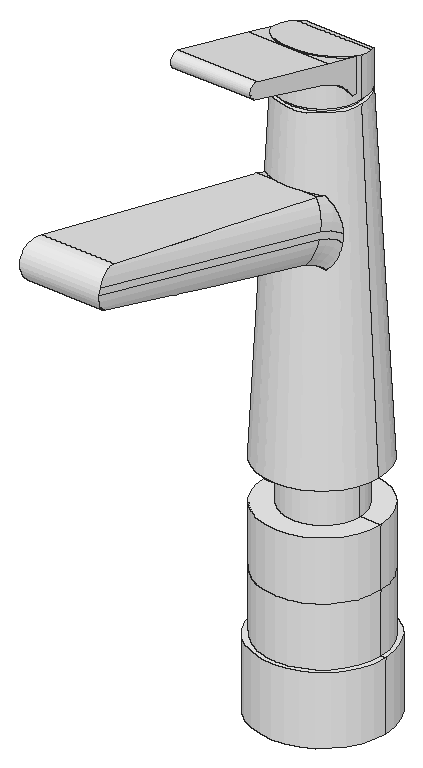
Revit family "LQ1035551_Grifería Lavamanos Liquid Monocontrol Media Mate Black", category Plumbing Fixtures, Revit 2019
Family settings
  Round Connector Dimension = Use Diameter
  Part Type = Normal
  OmniClass Number = 23.31.11.00
  OmniClass Title = Faucets
  Work Plane-Based = No
  Always vertical = Yes
  Cut with Voids When Loaded = No
  Shared = No
  Room Calculation Point = No
Parameters
  Vida útil = "500.000 ciclos."  # constant formula
  Uso = "Residencial"  # constant formula
  URL = "https://corona.co/productos/griferias/griferia-lavamanos-liquid-monocontrol/p/LQ1035551"
  Tipo de manija/accionamiento = "Palanca"  # constant formula
  Tipo de Grifería = "Monocontrol"  # constant formula
  Tipo de Chorro = "Espumoso"  # constant formula
  Temperaturas mínima de trabajo = "5°C / 41 °F"  # constant formula
  Temperaturas máxima de trabajo = "71°C / 159,8°F"  # constant formula
  Tecnologías = "DuraCrome EcoStream ThermoControl"  # constant formula
  Sistema de accionamiento = "Palanca monocontrol"  # constant formula
  Resistencia = "Resistente a la corrosión pelado y decoloración por agua"  # constant formula
  Reference = "LQ1035551"  # constant formula
  Productos compatibles = "Lavamanos de mesón integrado, Lavamanos para sobreponer, Lavamanos para incrustar\r\nLavamanos de pedestal, Lavamanos de semipedestal,Lavamanos de colgar"  # constant formula
  Presión mínima recomendada = "20 psi (140 Kpa)"  # constant formula
  Presión máxima recomendada = "125 psi (860 Kpa)"  # constant formula
  Peso neto = "1.320 g. - 2,91 lb."  # constant formula
  Peso  Bruto = "1.480 g. - 3,26 lb."  # constant formula
  Material = "Metálico"  # constant formula
  Longitud = 181 mm
  Linea = "Liquid"  # constant formula
  Incluye = "Cuerpo, Manija"  # constant formula
  Garantías de otros componentes = "5 años en acabados"  # constant formula
  Garantía = "30 años en estructura"  # constant formula
  Fecha de creación = "09/10/2020"  # constant formula
  Description = "La línea de griferías, duchas y accesorios Liquid se inspira en la tensión superficial del agua y en cómo esta crea formas armoniosas adaptándose al ambiente. Al igual que el agua, las superficies de las griferías Liquid juegan con la luz y los reflejos que fluyen alrededorde sus formas, sus líneas continuas y simplicidad formal proporcionan la ventaja práctica y limpieza sin esfuerzo.\r\nIncluye la tecnología Ecostream, de ahorro de agua; y la tecnología ThermoControl, de control más preciso de la temperatura.\r\nIncluye apertura con accionamiento central en frío que evita el encendido automático de calentadores y calderas ahorrando energía; además, es de fácil limpieza gracias al diseño que evita la acumulación de impurezas, es resistente a la corrosión, pelado y decoloración por agua y tiene recubrimientos no tóxicos."  # constant formula
  Creado por = "IDD"  # constant formula
  Consumo de agua = "5.7 lt"  # constant formula
  Colección = "Liquid"  # constant formula
  Capacidad de flujo = "60 psi: 4,86 L/min."  # constant formula
  Ancho = 54 mm
  Altura de la grifería = "Media"  # constant formula
  Alto = 192 mm
  Acabado = Corona_Mate_Black
Reference planes
  plane 1 "Center (Front/Back)": y = 0
  plane 2: z = 0
  plane 3 "Center (Left/Right)": x = 0
Forms (mm)
  Revolve 1, solid, material "Corona_Mate_Black", detail levels medium+fine
    sketch origin (0, 0, 0) x (1, 0, 0) y (0, 0, 1)
      loop
        line (17.442, 0) -> (0, 0) -> (0, -21.393) -> (17.442, -21.393) -> (17.442, 0)
      axis (0, 0) -> (0, -21.393)
    angle from 0 to 360
  Revolve 2, solid, material "Corona_Mate_Black", detail levels medium+fine
    sketch origin (0, 0, 0) x (1, 0, 0) y (0, 0, 1)
      loop
        line (17.442, -19.243) -> (17.442, -21.393) -> (0, -21.393) -> (0, -46.743) -> (27.248, -46.743) -> (27.248, -19.243) -> (17.442, -19.243)
      axis (0, -19.243) -> (0, -46.743)
    angle from 0 to 360
  Revolve 3, solid, material "Corona_Mate_Black", detail levels medium+fine
    sketch origin (0, 0, 0) x (1, 0, 0) y (0, 0, 1)
      loop
        line (27.248, -46.743) -> (0, -46.743) -> (0, -105.915) -> (29.634, -105.915) -> (29.634, -74.243) -> (27.248, -74.243) -> (27.248, -46.743)
      axis (0, -46.743) -> (0, -105.915)
    angle from 0 to 360
  Blend 4, solid, material "Corona_Mate_Black" <- "Acabado", detail levels medium+fine
    base sketch origin (-0.443, 0.017, 0) x (-0.999956, 0.009361, 0) y (-0.009361, -0.999956, 0)
      loop
        circle (0, 0) r 27
    top sketch origin (-0.443, 0.017, 0) x (-0.999956, 0.009361, 0) y (-0.009361, -0.999956, 0)
      loop
        circle (0, 0) r 19
    from 0 to 153.7
  Extrusion 5, solid, material "Corona_Mate_Black" <- "Acabado", detail levels medium+fine
    sketch origin (-0.443, 0.017, 153.7) x (-0.999956, 0.009361, 0) y (-0.009361, -0.999956, 0)
      loop
        circle (0, 0) r 17
    from 0 to 2
  Extrusion 6, solid, material "Corona_Mate_Black" <- "Acabado", detail levels medium+fine
    sketch origin (-0.443, 0.017, 155.7) x (-0.999956, 0.009361, 0) y (-0.009361, -0.999956, 0)
      loop
        circle (0, 0) r 19
    from 0 to 31.914
  Extrusion 7, void
    sketch origin (-0.443, 0.017, -61.3) x (-0.009361, -0.999956, 0) y (0, 0, 1)
      loop
        line (-19.012, 217) -> (-19.012, 219.18)
        arc (-19.012, 219.18) -> (-15.816, 228.452) -> (-7.586, 233.786) r 15.048
        line (-7.586, 233.786) -> (21.48, 240.992) -> (21.48, 255.992) -> (-21.355, 255.992) -> (-21.355, 217) -> (-19.012, 217)
    from -22.215 to 21.621
  Sweep 8, solid, material "Corona_Mate_Black" <- "Acabado", detail levels medium+fine
    path origin (-0.443, 0.017, -61.3) x (-0.009361, -0.999956, 0) y (0, 0, 1)
      loop
        line (152.333, 202.328) -> (24.257, 170.395)
        arc (24.257, 170.395) -> (6.783, 159.048) -> (0, 139.347) r 31.999
    profile origin (-1.27, -88.274, 125.062) x (-0.002265, -0.241911, -0.970296) y (-0.999956, 0.009361, 0)
      loop
        line (-1.496, -18.68) -> (1.496, -18.68)
        arc (1.496, -18.68) -> (14.224, -13.408) -> (19.496, -0.68) r 18
        line (19.496, -0.68) -> (19.496, 0.68)
        arc (19.496, 0.68) -> (14.224, 13.408) -> (1.496, 18.68) r 18
        line (1.496, 18.68) -> (-1.496, 18.68)
        arc (-1.496, 18.68) -> (-14.224, 13.408) -> (-19.496, 0.68) r 18
        line (-19.496, 0.68) -> (-19.496, -0.68)
        arc (-19.496, -0.68) -> (-14.224, -13.408) -> (-1.496, -18.68) r 18
  Extrusion 9, void
    sketch origin (-0.443, 0.017, -61.3) x (-0.009361, -0.999956, 0) y (0, 0, 1)
      loop
        arc (20.185, 183.151) -> (-1.739, 169.216) -> (-9.196, 144.332) r 37.194
        line (-9.196, 144.332) -> (10.055, 144.332)
        arc (10.055, 144.332) -> (18.924, 153.564) -> (30.446, 159.142) r 36.283
        line (30.446, 159.142) -> (145.274, 191.353)
        arc (145.274, 191.353) -> (150.977, 202.312) -> (140.407, 208.705) r 9.029
        line (140.407, 208.705) -> (20.185, 183.151)
      loop
        line (-31.284, 201.831) -> (-29.334, 112.043) -> (227.02, 179.181) -> (203.497, 263.32) -> (-31.284, 201.831)
    from -47.169 to 45.809
  Extrusion 10, solid, material "Corona_Mate_Black" <- "Acabado", detail levels medium+fine
    sketch origin (-0.443, 0.017, -61.3) x (-0.009361, -0.999956, 0) y (0, 0, 1)
      loop
        line (18.929, 240.068) -> (0, 235.348) -> (0, 220.637) -> (5, 220.637)
        arc (5, 220.637) -> (12.232, 227.743) -> (21.383, 232.108) r 30.716
        line (21.383, 232.108) -> (61.553, 243.627)
        arc (61.553, 243.627) -> (64.051, 247.784) -> (59.894, 250.281) r 3.429
        line (59.894, 250.281) -> (18.929, 240.068)
    from -18.68 to 18.68
  Revolve 11, solid, material "Corona_Mate_Black" <- "Acabado", detail levels medium+fine
    sketch origin (-0.443, 0.017, -61.3) x (-0.009361, -0.999956, 0) y (0, 0, 1)
      loop
        line (16.924, 226.502) -> (20.694, 226.502) -> (20.694, 229.502) -> (16.924, 229.502) -> (16.924, 226.502)
      axis (20.694, 226.502) -> (16.924, 226.502)
    angle from 0 to 360
  Sweep 12, solid, material "Corona_Mate_Black" <- "Acabado", detail levels medium+fine
    path origin (-0.985, -13.277, -112.097) x (-0.999956, 0.009361, 0) y (-0.009042, -0.965883, 0.258819)
      loop
        circle (0, 165.01) r 12
    profile origin (-2.585, -184.248, -66.283) x (0.009042, 0.965883, -0.258819) y (0.002423, 0.258808, 0.965926)
      loop
        line (-0.963, 200.526) -> (-0.963, 197.441)
        arc (-0.963, 197.441) -> (0, 196.478) -> (0.963, 197.441) r 0.963
        line (0.963, 197.441) -> (0.963, 199.986) -> (-0.963, 200.526)
Cuts and joins
  Extrusion 7 cuts Extrusion 6
  Extrusion 9 cuts Sweep 8
  Extrusion 9 cuts Sweep 12
Dimensions and locks
  aligned and locked: level to plane 2
  aligned and locked: nested 3 to nested 4
  aligned and locked: nested 4 to nested 1
Nested families
  nested 1: "Right" at (0, 0, 0) x (0, -1, 0) z (1, 0, 0), type "Right"
  nested 2: "Family2" at (0, 0, 0) x (1, 0, 0) z (0, -1, 0), type "Family2"
  nested 3: "Family1" at (0, 0, 0), type "Family1"
  nested 4: "Visualizacion Baja" at (0, -151.388, -105.915), type "Visualizacion Baja", detail levels coarse
    with Width 54 mm, Height 297.5 mm, Depth 181 mm, Base Height 0 mm
Connectors
  piping at (0, 0, 0), diameter 25.4
    settings: on Revolve 1, index 1, connector inside diameter 609.6 mm, connector length 0 mm, flow factor 0, pipe flow 0.0 L/s, pressure drop 0.0 Pa, fitting loss kfactor 0, connector angle 0.00°, fixture units 0, engagement length 0 mm, angle of deflection 0.00°, flow configuration 0, flow direction 0, fitting loss method 0, system type 7, joint type 0, gender type 0, connector reference index -1, connector utility 0, adjustable connector no, is connector primary yes, connector description ""
  piping at (0, 0, 0), diameter 25.4
    settings: on Revolve 1, index 2, connector inside diameter 609.6 mm, connector length 0 mm, flow factor 0, pipe flow 0.0 L/s, pressure drop 0.0 Pa, fitting loss kfactor 0, connector angle 0.00°, fixture units 0, engagement length 0 mm, angle of deflection 0.00°, flow configuration 0, flow direction 0, fitting loss method 0, system type 7, joint type 0, gender type 0, connector reference index -1, connector utility 0, adjustable connector no, is connector primary no, connector description ""
Definition of nested family "Visualizacion Baja"
  Parameters (values of type "Visualizacion Baja")
    Width = 350 mm
    Height = 350 mm
    Depth = 350 mm
    Base Height = 900 mm
    BIMBAU_Material = none
  Reference planes
    plane 1 "Center (Front/Back)": y = 0
    plane 2: z = 0
    plane 3 "Center (Left/Right)": x = 0
    plane 4: x = -175
    plane 5: x = 175
    plane 6: z = 1250
    plane 7: z = 900
    plane 8: y = 350
    plane 9: y = 175
  Forms (mm)
    Extrusion 1, solid, material <- "BIMBAU_Material"
      sketch origin (0, 0, 0) x (1, 0, 0) y (0, 0, 1)
        loop
          line (-175, 1250) -> (-175, 900) -> (175, 900) -> (175, 1250) -> (-175, 1250)
      from 0 to -350
  Dimensions and locks
    "Height": plane 6 to plane 7
    equal spacing: plane 5, plane 3 "Center (Left/Right)", plane 4
    "Width": plane 5 to plane 4
    "Depth": plane 8 to plane 1 "Center (Front/Back)"
    "Base Height": plane 7 to level
    equal spacing: plane 1 "Center (Front/Back)", plane 9, plane 8
    aligned and locked: level to plane 2
    aligned and locked: Extrusion 1 sketch curve to plane 6
    aligned and locked: Extrusion 1 sketch curve to plane 5
    aligned and locked: plane 7 to Extrusion 1 sketch curve
    aligned and locked: plane 4 to Extrusion 1 sketch curve
    aligned and locked: Extrusion 1 to plane 8
Definition of nested family "Right"
  Reference planes
    plane 1 "Center (Front/Back)": y = 0
    plane 2: z = 0
    plane 3 "Center (Left/Right)": x = 0
  Lines and regions (mm)
    model lines, in view "Ref. Level"
      curve 1: line (-24.777, 0, 0) -> (24.683, 0, 0)
      curve 2: line (24.683, 0, 0) -> (21.179, 94.173, 0)
      curve 3: spline (144.977, 130.33, 0) -> (135.417, 127.648, 0) -> (125.858, 124.966, 0) -> (116.298, 122.283, 0) -> (106.739, 119.601, 0) -> (97.18, 116.919, 0) -> (87.622, 114.237, 0) -> (78.063, 111.556, 0) -> (68.505, 108.874, 0) -> (58.946, 106.192, 0) -> (49.388, 103.51, 0) -> (39.831, 100.828, 0) -> (30.273, 98.146, 0)
      curve 4: spline (30.273, 98.146, 0) -> (29.468, 97.91, 0) -> (28.669, 97.656, 0) -> (27.877, 97.384, 0) -> (27.093, 97.095, 0) -> (26.318, 96.788, 0) -> (25.551, 96.463, 0) -> (24.794, 96.122, 0) -> (24.048, 95.764, 0) -> (23.313, 95.39, 0) -> (22.589, 95, 0) -> (21.877, 94.594, 0) -> (21.179, 94.173, 0)
      curve 5: line (151.442, 138.796, 0) -> (144.977, 130.33, 0)
      curve 6: spline (150.684, 141.692, 0) -> (150.791, 141.465, 0) -> (150.89, 141.234, 0) -> (150.982, 141, 0) -> (151.065, 140.763, 0) -> (151.141, 140.524, 0) -> (151.209, 140.282, 0) -> (151.268, 140.038, 0) -> (151.32, 139.792, 0) -> (151.363, 139.545, 0) -> (151.397, 139.296, 0) -> (151.424, 139.047, 0) -> (151.442, 138.796, 0)
      curve 7: line (138.89, 147.428, 0) -> (150.684, 141.692, 0)
      curve 8: spline (20.065, 122.164, 0) -> (29.965, 124.269, 0) -> (39.865, 126.374, 0) -> (49.766, 128.479, 0) -> (59.668, 130.584, 0) -> (69.569, 132.689, 0) -> (79.471, 134.795, 0) -> (89.374, 136.9, 0) -> (99.276, 139.005, 0) -> (109.179, 141.111, 0) -> (119.083, 143.216, 0) -> (128.987, 145.322, 0) -> (138.89, 147.428, 0)
      curve 9: line (-19.047, 154, 0) -> (18.953, 154, 0)
      curve 10: spline (20.646, 168.502, 0) -> (20.639, 168.399, 0) -> (20.632, 168.1, 0) -> (20.626, 167.623, 0) -> (20.622, 167.002, 0) -> (20.619, 166.278, 0) -> (20.618, 165.502, 0) -> (20.619, 164.725, 0) -> (20.622, 164.002, 0) -> (20.626, 163.38, 0) -> (20.632, 162.903, 0) -> (20.639, 162.604, 0) -> (20.646, 162.502, 0)
      curve 11: line (-24.777, 0, 0) -> (-19.047, 154, 0)
      curve 12: line (-17.06, 156, 0) -> (-17.06, 154, 0)
      curve 13: line (16.887, 156, 0) -> (16.887, 154, 0)
      curve 14: line (18.953, 154, 0) -> (20.065, 122.164, 0)
      curve 15: line (108.692, 120.149, 0) -> (109.434, 117.38, 0)
      curve 16: line (109.434, 117.38, 0) -> (134.82, 124.182, 0)
      curve 17: line (134.82, 124.182, 0) -> (133.944, 127.45, 0)
      curve 18: line (18.953, 156, 0) -> (18.953, 162.502, 0)
      curve 19: line (18.953, 162.502, 0) -> (20.646, 162.502, 0)
      curve 20: line (18.953, 162.502, 0) -> (20.646, 162.502, 0)
      curve 21: line (20.646, 162.502, 0) -> (20.646, 168.502, 0)
      curve 22: line (20.646, 168.502, 0) -> (18.953, 168.502, 0)
      curve 23: line (18.953, 168.502, 0) -> (18.953, 170.475, 0)
      curve 24: line (18.953, 170.475, 0) -> (69.274, 184.905, 0)
      curve 25: line (67.385, 191.494, 0) -> (-7.551, 172.849, 0)
      curve 26: arc (-19.047, 156, 0) -> (-16.509, 166.615, 0) -> (-7.551, 172.849, 0) r 15.325
      curve 27: arc (67.385, 191.494, 0) -> (71.509, 189.111, 0) -> (69.274, 184.905, 0) r 3.429
      curve 28: line (-19.047, 156, 0) -> (18.953, 156, 0)
      curve 45: line (17.465, -21.393, 0) -> (-17.419, -21.393, 0)
      curve 46: line (27.271, -19.243, 0) -> (17.271, -19.243, 0)
      curve 47: line (27.271, -46.743, 0) -> (27.271, -19.243, 0)
      curve 48: line (-27.225, -46.743, 0) -> (27.271, -46.743, 0)
      curve 49: line (-27.225, -19.243, 0) -> (-27.225, -46.743, 0)
      curve 50: line (-17.419, -19.243, 0) -> (-27.225, -19.243, 0)
      curve 51: line (-27.225, -74.243, 0) -> (-27.225, -46.743, 0)
      curve 52: line (27.271, -46.743, 0) -> (27.271, -74.243, 0)
      curve 53: line (-29.612, -74.243, 0) -> (29.657, -74.243, 0)
      curve 54: line (-29.612, -105.915, 0) -> (-29.612, -74.243, 0)
      curve 55: line (29.657, -74.243, 0) -> (29.657, -105.915, 0)
      curve 56: line (29.657, -105.915, 0) -> (-29.612, -105.915, 0)
    detail lines, in view "Ref. Level"
      curve 29: line (0, -361.43, -21.393) -> (0, -361.43, 0)
      curve 30: line (0, -396.314, -21.393) -> (0, -361.43, -21.393)
      curve 31: line (0, -396.314, 0) -> (0, -396.314, -21.393)
      curve 32: line (0, -361.43, -19.243) -> (0, -351.624, -19.243)
      curve 33: line (0, -351.624, -19.243) -> (0, -351.624, -46.743)
      curve 34: line (0, -351.624, -46.743) -> (0, -406.12, -46.743)
      curve 35: line (0, -406.12, -46.743) -> (0, -406.12, -19.243)
      curve 36: line (0, -406.12, -19.243) -> (0, -396.12, -19.243)
      curve 37: line (0, -351.624, -46.743) -> (0, -406.12, -46.743)
      curve 38: line (0, -351.624, -74.243) -> (0, -351.624, -46.743)
      curve 39: line (0, -406.12, -74.243) -> (0, -351.624, -74.243)
      curve 40: line (0, -406.12, -46.743) -> (0, -406.12, -74.243)
      curve 41: line (0, -349.238, -74.243) -> (0, -408.506, -74.243)
      curve 42: line (0, -349.238, -105.915) -> (0, -349.238, -74.243)
      curve 43: line (0, -408.506, -105.915) -> (0, -349.238, -105.915)
      curve 44: line (0, -408.506, -74.243) -> (0, -408.506, -105.915)
      curve 57: line (-17.419, -21.393, 0) -> (-17.419, 0, 0)
      curve 58: line (17.465, -21.393, 0) -> (17.465, 0, 0)
Definition of nested family "Family2"
  Reference planes
    plane 1 "Center (Front/Back)": y = 0
    plane 2: z = 0
    plane 3 "Center (Left/Right)": x = 0
  Lines and regions (mm)
    detail lines, in view "Ref. Level"
      curve 1: line (-26.83, 0, 0) -> (26.83, 0, 0)
      curve 2: line (26.83, 0, 0) -> (22.913, 180.304, 0)
      curve 3: line (-26.83, 0, 0) -> (-22.913, 180.304, 0)
      curve 4: arc (-22.913, 180.304, 0) -> (0, 191.585, 0) -> (22.913, 180.304, 0) r 28.911
      curve 5: arc (24.137, 123.982, 0) -> (0, 137.673, 0) -> (-24.137, 123.982, 0) r 28.122
      curve 6: line (23.646, 146.593, 0) -> (-23.646, 146.593, 0)
      curve 7: line (-23.71, 143.646, 0) -> (23.71, 143.646, 0)
      curve 8: spline (0, 106.373, 0) -> (3.418, 106.543, 0) -> (6.603, 107.042, 0) -> (9.339, 107.837, 0) -> (11.437, 108.873, 0) -> (12.757, 110.079, 0) -> (13.207, 111.373, 0) -> (12.757, 112.667, 0) -> (11.437, 113.873, 0) -> (9.339, 114.908, 0) -> (6.603, 115.703, 0) -> (3.418, 116.202, 0) -> (0, 116.373, 0) -> (-3.418, 116.202, 0) -> (-6.603, 115.703, 0) -> (-9.339, 114.908, 0) -> (-11.437, 113.873, 0) -> (-12.757, 112.667, 0) -> (-13.207, 111.373, 0) -> (-12.757, 110.079, 0) -> (-11.437, 108.873, 0) -> (-9.339, 107.837, 0) -> (-6.603, 107.042, 0) -> (-3.418, 106.543, 0) -> (0, 106.373, 0)
      curve 9: spline (0, 108.074, 0) -> (2.173, 108.155, 0) -> (4.199, 108.391, 0) -> (5.938, 108.766, 0) -> (7.272, 109.254, 0) -> (8.111, 109.823, 0) -> (8.397, 110.434, 0) -> (8.111, 111.044, 0) -> (7.272, 111.614, 0) -> (5.938, 112.102, 0) -> (4.199, 112.477, 0) -> (2.173, 112.713, 0) -> (0, 112.793, 0) -> (-2.173, 112.713, 0) -> (-4.199, 112.477, 0) -> (-5.938, 112.102, 0) -> (-7.272, 111.614, 0) -> (-8.111, 111.044, 0) -> (-8.397, 110.434, 0) -> (-8.111, 109.823, 0) -> (-7.272, 109.254, 0) -> (-5.938, 108.766, 0) -> (-4.199, 108.391, 0) -> (-2.173, 108.155, 0) -> (0, 108.074, 0)
      curve 10: line (-17.558, 0, 0) -> (-17.558, -21.393, 0)
      curve 11: line (-17.558, -21.393, 0) -> (17.442, -21.393, 0)
      curve 12: line (17.442, -21.393, 0) -> (17.442, 0, 0)
      curve 13: line (-17.558, -19.243, 0) -> (-27.248, -19.243, 0)
      curve 14: line (-27.248, -19.243, 0) -> (-27.248, -74.243, 0)
      curve 15: line (-27.248, -74.243, 0) -> (-28.443, -74.243, 0)
      curve 16: line (-28.443, -74.243, 0) -> (-29.634, -74.243, 0)
      curve 17: line (-29.634, -74.243, 0) -> (-29.634, -105.915, 0)
      curve 18: line (-29.634, -105.915, 0) -> (0, -105.915, 0)
      curve 19: line (17.442, -21.393, 0) -> (-17.558, -21.393, 0)
      curve 20: line (17.442, -19.243, 0) -> (27.248, -19.243, 0)
      curve 21: line (27.248, -19.243, 0) -> (27.248, -74.243, 0)
      curve 22: line (27.248, -74.243, 0) -> (28.443, -74.243, 0)
      curve 23: line (28.443, -74.243, 0) -> (29.634, -74.243, 0)
      curve 24: line (29.634, -74.243, 0) -> (29.634, -105.915, 0)
      curve 25: line (29.634, -105.915, 0) -> (0, -105.915, 0)
      curve 26: line (-27.248, -46.743, 0) -> (27.248, -46.743, 0)
      curve 27: line (-28.443, -74.243, 0) -> (27.248, -74.243, 0)
Definition of nested family "Family1"
  Reference planes
    plane 1 "Center (Front/Back)": y = 0
    plane 2: z = 0
    plane 3 "Center (Left/Right)": x = 0
  Lines and regions (mm)
    model lines, in view "Ref. Level"
      curve 1: arc (17.943, -23.6, 0) -> (26.499, -13.192, 0) -> (29.562, -0.071, 0) r 29.634
      curve 2: arc (29.562, -0.071, 0) -> (-12.424, 26.867, 0) -> (-19.409, -22.527, 0) r 29.634
      curve 3: arc (27.176, -0.071, 0) -> (-10.474, 25.114, 0) -> (-19.379, -19.299, 0) r 27.248
      curve 4: arc (17.972, -20.488, 0) -> (24.769, -11.269, 0) -> (27.176, -0.071, 0) r 27.248
      curve 5: arc (18.132, -3.463, 0) -> (1.404, 19.085, 0) -> (-19.515, 0.36, 0) r 19
      curve 6: line (17.492, -71.846, 0) -> (18.132, -3.463, 0)
      curve 7: line (-19.227, -3.113, 0) -> (-19.871, -71.846, 0)
      curve 8: arc (-19.515, 0.36, 0) -> (-19.451, -1.383, 0) -> (-19.227, -3.113, 0) r 19
      curve 9: line (16.33, -151.449, 0) -> (16.33, -71.846, 0)
      curve 10: line (-1.771, -71.846, 0) -> (17.492, -71.846, 0)
      curve 11: line (-18.709, -151.121, 0) -> (16.33, -151.449, 0)
      curve 12: line (-1.771, -71.846, 0) -> (-19.871, -71.846, 0)
      curve 13: line (-18.709, -71.846, 0) -> (-18.709, -151.121, 0)
